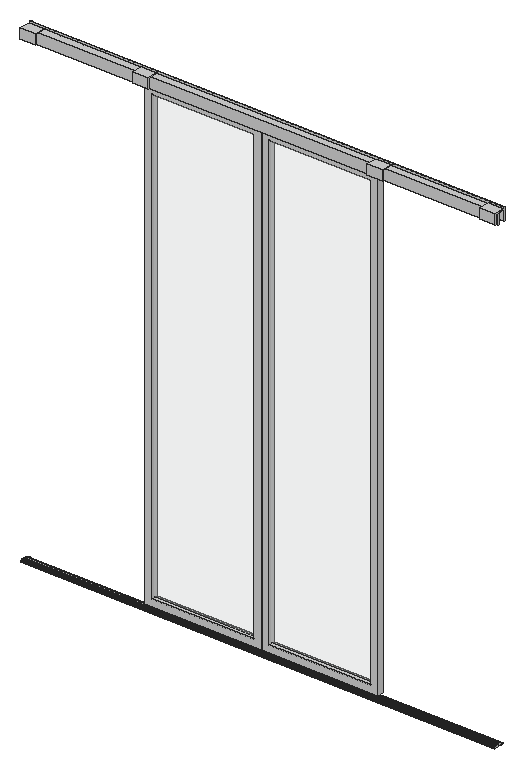
Revit family "Door_FTS Wall Slide_The Sliding Door Company_1.5F 2-Panel Bi-part with Single Track (Ramped)", category Doors, host Wall, Revit 2019
Family settings
  Host = Wall
  OmniClass Number = 23.30.10.00
  OmniClass Title = Doors
  Always vertical = Yes
  Cut with Voids When Loaded = No
  Shared = No
  Room Calculation Point = No
Parameters (values of type "1.5F 2-Panel Wall Slide - Bi-part - AA")
  Upper Track Material [instance] = TSDC - Casing/Upper Track - Anodized Aluminum Silver
  URL = "https://www.slidingdoorco.com"
  Track Length = Order Width * 2 + 1 1/2"  # 97 1/2"
  Thickness = 1 1/4"  # constant formula
  Stile and Rail = 1 1/2"  # constant formula
  Rough Width = Order Width + 5/8" * 2  # 49 1/4"
  Rough Height = Order Height + 5/8"  # 98 3/4"
  Panel Width = Width / 2  # 24"
  Panel Height = Height - 2 1/4"  # 96 3/8"
  Overall System Height = Finished Opening Height + 2 5/8"  # 98 5/8"
  Order Width = Finished Opening Width + Stile and Rail * 2  # 48"
  Opening Clearance = Finished Opening Width  # 45"
  Open [instance] = no
  Model = "FTS Wall Slide System - Surface Mounted"  # constant formula
  Manufacturer = "The Sliding Door Company"  # constant formula
  Limitations = "Panel Width x System Height cannot exceed 7,400 square inches"  # constant formula
  Glass Thickness = "Available in: 5mm Tempered, 7mm,10mm,11mm Laminated Glass"  # constant formula
  Glass Material [instance] = TSDC - Glass - Clear
  Function = Interior
  Height = if(Overall System Height > 122", 122", Overall System Height)  # 98 5/8"
  Wall Closure = By host
  Width = if(Order Width > 104", 104", Order Width)  # 48"
  Fire Rating = "N/A"  # constant formula
  Order Height = Finished Opening Height + 2 1/8"  # 98 1/8"
  Finished Opening Width = 45"
  Finished Opening Height = 96"
  Door Casing Material [instance] = TSDC - Casing/Upper Track - Anodized Aluminum Silver
  Description = "2 Panel Wall Slide Bi-part with Single Track (Ramped)"  # constant formula
  Contact The Sliding Door Company = "https://www.slidingdoorco.com/contact"
  Construction Type = "Surface Mounted, Ramped Bottom Track"  # constant formula
  Configuration = "AA Configuration"  # constant formula
  Closed [instance] = not(Open)  # yes
  Bottom Track Material [instance] = TSDC - Bottom Track - Anodized Aluminum Silver
  Analytic Construction = "<None>"
  ADA Opening Clearance = "32in. Min. Opening Clearance"  # constant formula
  3" Frame (No Support Dividers) = "Max. H=122 in., Max. W=104 in. (52 in. panel width)"  # constant formula
  1 1/2" Frame (No Support Dividers) = "Max. H=108 in., Max. W=100 in. (50 in. panel width)"  # constant formula
Reference planes (in)
  plane 1 "Center (Front/Back)": y = 0
  plane 2 "Center (Left/Right)": x = 0
  plane 3 "Top": z = 98.125
  plane 4 "Exterior": y = 6
  plane 5 "Interior": y = -6
  plane 6: z = 0.625
  plane 7 "2": z = 96.5
  plane 8 "3": z = 95.25
  plane 9: y = -0.67851
  plane 10: x = -24
  plane 11: x = 24
  plane 12: x = -22.5
  plane 13: x = 22.5
  plane 14: z = 46.625
  plane 15: z = 35.625
  plane 16: x = -48.75
  plane 17: x = 48.75
  plane 18: x = 49
  plane 19: x = -49
  plane 20: x = -46.5
  plane 21: x = 46.5
  plane 22: z = 96
  plane 23: z = 98.625
  plane 24: y = 4.39962
Forms (in)
  Extrusion 1, solid, material "TSDC - Casing/Upper Track - Anodized Aluminum Silver" <- "Door Casing Material", visible <- "Closed"
    sketch origin (40.75888, 3.96602, 0) x (-1, 0, 0) y (0, 0, -1)
      loop
        line (64.75888, -96.5) -> (64.75888, -0.625) -> (40.75888, -0.625) -> (40.75888, -96.5) -> (64.75888, -96.5)
      loop
        line (63.25888, -95) -> (63.25888, -2.125) -> (42.25888, -2.125) -> (42.25888, -95) -> (63.25888, -95)
    from -4.25 to -3
  Extrusion 2, solid, material "TSDC - Glass - Clear" <- "Glass Material", visible <- "Closed"
    sketch origin (40.75888, 3.46602, 0) x (-1, 0, 0) y (0, 0, -1)
      loop
        line (63.25888, -95) -> (63.25888, -2.125) -> (42.25888, -2.125) -> (42.25888, -95) -> (63.25888, -95)
    from -4.25 to -4
  Extrusion 3, solid, material "TSDC - Casing/Upper Track - Anodized Aluminum Silver" <- "Door Casing Material", visible <- "Closed"
    sketch origin (72.07138, 3.96602, 0) x (-1, 0, 0) y (0, 0, -1)
      loop
        line (72.07138, -96.5) -> (72.07138, -0.625) -> (48.07138, -0.625) -> (48.07138, -96.5) -> (72.07138, -96.5)
      loop
        line (70.57138, -95) -> (70.57138, -2.125) -> (49.57138, -2.125) -> (49.57138, -95) -> (70.57138, -95)
    from -4.25 to -3
  Extrusion 4, solid, material "TSDC - Glass - Clear" <- "Glass Material", visible <- "Closed"
    sketch origin (72.07138, 3.46602, 0) x (-1, 0, 0) y (0, 0, -1)
      loop
        line (70.57138, -95) -> (70.57138, -2.125) -> (49.57138, -2.125) -> (49.57138, -95) -> (70.57138, -95)
    from -4.25 to -4
  Extrusion 5, solid, material "TSDC - Casing/Upper Track - Anodized Aluminum Silver" <- "Upper Track Material"
    sketch origin (-115, 1.65743, -26) x (0, 1, 0) y (0, 0, 1)
      loop
        line (6.68359, 124.125) -> (5.125, 124.125) -> (5.125, 122) -> (5.18359, 122) -> (5.18359, 124.06641) -> (6.68359, 124.06641) -> (6.68359, 122) -> (6.74219, 122) -> (6.74219, 124.625) -> (6.68359, 124.625) -> (6.68359, 124.125)
    from 66.25 to 163.75
  Extrusion 6, solid, material "TSDC - Bottom Track - Anodized Aluminum Silver" <- "Bottom Track Material"
    sketch origin (0, 4.78502, 0.00198) x (0, -1, 0) y (0, 0, -1)
      loop
        line (-1.2534, 0.00198) -> (-1.82338, 0.00198) -> (-1.82338, -0.08934) -> (-1.85621, -0.08934) -> (-1.85621, -0.05752) -> (-1.88729, -0.05752) -> (-1.88729, -0.30227) -> (-1.85621, -0.30227) -> (-1.85621, -0.26961) -> (-1.82338, -0.26961) -> (-1.82338, -0.35859)
        arc (-1.82338, -0.35859) -> (-1.80417, -0.37043) -> (-1.78175, -0.36785) r 0.03449
        line (-1.78175, -0.36785) -> (-1.69784, -0.32757) -> (-1.69399, -0.29623) -> (-1.64507, -0.30224) -> (-1.55638, -0.25967) -> (-1.55254, -0.22833) -> (-1.50362, -0.23434) -> (-1.41405, -0.19134) -> (-1.4102, -0.16) -> (-1.36128, -0.16601) -> (-1.2534, -0.11422) -> (-1.2534, 0.00198)
      loop
        line (-1.3034, -0.05) -> (-1.7654, -0.05) -> (-1.7654, -0.30454) -> (-1.3034, -0.08276) -> (-1.3034, -0.05)
    from -48.75 to 48.75
  Extrusion 7, solid, material "TSDC - Bottom Track - Anodized Aluminum Silver" <- "Bottom Track Material"
    sketch origin (0, 4.78502, 0.00198) x (0, -1, 0) y (0, 0, -1)
      loop
        line (-1.82338, -0.26961) -> (-1.85621, -0.26961) -> (-1.85621, -0.30227) -> (-1.88729, -0.30227) -> (-1.88729, -0.05752) -> (-1.85621, -0.05752) -> (-1.85621, -0.08934) -> (-1.82338, -0.08934) -> (-1.82338, 0.00198) -> (-2.66962, 0.00198) -> (-2.66962, -0.08934) -> (-2.63679, -0.08934) -> (-2.63679, -0.05752) -> (-2.60571, -0.05752) -> (-2.60571, -0.30227) -> (-2.63692, -0.30227) -> (-2.63692, -0.26961) -> (-2.66962, -0.26961) -> (-2.66962, -0.341)
        arc (-2.66962, -0.341) -> (-2.66384, -0.35509) -> (-2.64977, -0.36093) r 0.01985
        line (-2.64977, -0.36093) -> (-2.56841, -0.36093)
        arc (-2.56841, -0.36093) -> (-2.55436, -0.3551) -> (-2.54856, -0.34103) r 0.01985
        line (-2.54856, -0.34103) -> (-2.54856, -0.05757) -> (-1.94444, -0.05757) -> (-1.94444, -0.10767) -> (-2.07646, -0.14753) -> (-2.07646, -0.28575)
        arc (-2.07646, -0.28575) -> (-2.12603, -0.3355) -> (-2.17572, -0.28588) r 0.04963
        line (-2.17572, -0.28588) -> (-2.23528, -0.28588)
        arc (-2.23528, -0.28588) -> (-2.12616, -0.39506) -> (-2.0169, -0.28602) r 0.10919
        line (-2.0169, -0.28602) -> (-2.0169, -0.20299) -> (-1.94444, -0.20299) -> (-1.94444, -0.34103)
        arc (-1.94444, -0.34103) -> (-1.93864, -0.3551) -> (-1.92459, -0.36093) r 0.01985
        line (-1.92459, -0.36093) -> (-1.84323, -0.36089)
        arc (-1.84323, -0.36089) -> (-1.82919, -0.35508) -> (-1.82338, -0.34104) r 0.01985
        line (-1.82338, -0.34104) -> (-1.82338, -0.26961)
    from -48.75 to 48.75
  Extrusion 8, solid, material "TSDC - Bottom Track - Anodized Aluminum Silver" <- "Bottom Track Material"
    sketch origin (0, 3.27802, 0.00198) x (0, 1, 0) y (0, 0, 1)
      loop
        line (4.11271, 0.05752) -> (4.14379, 0.05752) -> (4.14379, 0.08934) -> (4.17662, 0.08934) -> (4.17662, -0.00198) -> (4.7466, -0.00198) -> (4.7466, 0.11422) -> (4.63872, 0.16601) -> (4.5898, 0.16) -> (4.58595, 0.19134) -> (4.49638, 0.23434) -> (4.44746, 0.22833) -> (4.44362, 0.25967) -> (4.35493, 0.30224) -> (4.30601, 0.29623) -> (4.30216, 0.32757) -> (4.21825, 0.36785)
        arc (4.21825, 0.36785) -> (4.19583, 0.37043) -> (4.17662, 0.35859) r 0.03449
        line (4.17662, 0.35859) -> (4.17662, 0.26961) -> (4.14379, 0.26961) -> (4.14379, 0.30227) -> (4.11271, 0.30227) -> (4.11271, 0.05752)
      loop
        line (4.2346, 0.30454) -> (4.2346, 0.05) -> (4.6966, 0.05) -> (4.6966, 0.08276) -> (4.2346, 0.30454)
    from -48.75 to 48.75
  Extrusion 9, solid, material "TSDC - Casing/Upper Track - Anodized Aluminum Silver" <- "Door Casing Material", visible <- "Open"
    sketch origin (15.76278, 3.21602, 0) x (-1, 0, 0) y (0, 0, -1)
      loop
        line (62.26278, -96.5) -> (62.26278, -0.625) -> (38.26278, -0.625) -> (38.26278, -96.5) -> (62.26278, -96.5)
      loop
        line (60.76278, -95) -> (60.76278, -2.125) -> (39.76278, -2.125) -> (39.76278, -95) -> (60.76278, -95)
    from -5 to -3.75
  Extrusion 10, solid, material "TSDC - Glass - Clear" <- "Glass Material", visible <- "Open"
    sketch origin (15.76278, 2.71602, 0) x (-1, 0, 0) y (0, 0, -1)
      loop
        line (60.76278, -95) -> (60.76278, -2.125) -> (39.76278, -2.125) -> (39.76278, -95) -> (60.76278, -95)
    from -5 to -4.75
  Extrusion 11, solid, visible <- "Closed", not visible
    sketch origin (0, 5.61719, 0) x (1, 0, 0) y (0, 1, 0)
      loop
        circle (-1.5, -0.4296) r 0.31649
    from 0 to 12
  Extrusion 12, solid, visible <- "Closed", not visible
    sketch origin (0, 5.61719, 1) x (1, 0, 0) y (0, 1, 0)
      loop
        line (-1.81641, -0.43705) -> (-1.81641, -2.18359) -> (-1.18359, -2.18359) -> (-1.18359, -0.43705)
        arc (-1.18359, -0.43705) -> (-1.5, -0.74609) -> (-1.81641, -0.43705) r 0.31649
    from 0 to 0.625
  Extrusion 13, solid, visible <- "Closed", not visible
    sketch origin (0, 5.61719, 10.375) x (1, 0, 0) y (0, 1, 0)
      loop
        line (-1.81641, -0.43705) -> (-1.81641, -2.18359) -> (-1.18359, -2.18359) -> (-1.18359, -0.43705)
        arc (-1.18359, -0.43705) -> (-1.5, -0.74609) -> (-1.81641, -0.43705) r 0.31649
    from 0 to 0.625
  Extrusion 14, solid, visible <- "Open", not visible
    sketch origin (-26.4975, 0, 40.625) x (1, 0, 0) y (0, 1, 0)
      loop
        circle (-1.5, 0.4296) r 0.31649
    from 0 to 12
  Extrusion 15, solid, visible <- "Open", not visible
    sketch origin (-26.4975, 0, 41.625) x (1, 0, 0) y (0, 1, 0)
      loop
        arc (-1.81641, 0.43705) -> (-1.5, 0.74609) -> (-1.18359, 0.43705) r 0.31649
        line (-1.18359, 0.43705) -> (-1.18359, 2.18359) -> (-1.81641, 2.18359) -> (-1.81641, 0.43705)
    from 0 to 0.625
  Extrusion 16, solid, visible <- "Open", not visible
    sketch origin (-26.4975, 0, 51) x (1, 0, 0) y (0, 1, 0)
      loop
        arc (-1.81641, 0.43705) -> (-1.5, 0.74609) -> (-1.18359, 0.43705) r 0.31649
        line (-1.18359, 0.43705) -> (-1.18359, 2.18359) -> (-1.81641, 2.18359) -> (-1.81641, 0.43705)
    from 0 to 0.625
  Extrusion 17, solid, material "TSDC - Casing/Upper Track - Anodized Aluminum Silver" <- "Door Casing Material", visible <- "Open"
    sketch origin (120.07138, 3.96602, 0) x (-1, 0, 0) y (0, 0, -1)
      loop
        line (97.57138, -96.5) -> (97.57138, -0.625) -> (73.57138, -0.625) -> (73.57138, -96.5) -> (97.57138, -96.5)
      loop
        line (96.07138, -95) -> (96.07138, -2.125) -> (75.07138, -2.125) -> (75.07138, -95) -> (96.07138, -95)
    from -4.25 to -3
  Extrusion 18, solid, material "TSDC - Glass - Clear" <- "Glass Material", visible <- "Open"
    sketch origin (120.07138, 3.46602, 0) x (-1, 0, 0) y (0, 0, -1)
      loop
        line (96.07138, -95) -> (96.07138, -2.125) -> (75.07138, -2.125) -> (75.07138, -95) -> (96.07138, -95)
    from -4.25 to -4
  Extrusion 19, solid, material "TSDC - Casing/Upper Track - Anodized Aluminum Silver" <- "Upper Track Material"
    sketch origin (-83.75, 0, 0) x (0, 1, 0) y (0, 0, 1)
      loop
        line (8.34102, 98.25) -> (6, 98.25) -> (6, 96.25) -> (6.125, 96.25) -> (6.125, 98.125) -> (8.34102, 98.125) -> (8.34102, 98.25)
    from 35 to 38.125
  Extrusion 20, solid, material "TSDC - Casing/Upper Track - Anodized Aluminum Silver" <- "Upper Track Material"
    sketch origin (-43.125, 0, 0) x (0, 1, 0) y (0, 0, 1)
      loop
        line (8.34102, 98.25) -> (6, 98.25) -> (6, 96.25) -> (6.125, 96.25) -> (6.125, 98.125) -> (8.34102, 98.125) -> (8.34102, 98.25)
    from 17.5 to 20.625
  Extrusion 21, solid, material "TSDC - Casing/Upper Track - Anodized Aluminum Silver" <- "Upper Track Material"
    sketch origin (40, 0, 0) x (0, 1, 0) y (0, 0, 1)
      loop
        line (8.34102, 98.25) -> (6, 98.25) -> (6, 96.25) -> (6.125, 96.25) -> (6.125, 98.125) -> (8.34102, 98.125) -> (8.34102, 98.25)
    from -17.5 to -14.375
  Extrusion 22, solid, material "TSDC - Casing/Upper Track - Anodized Aluminum Silver" <- "Upper Track Material"
    sketch origin (80.625, 0, 0) x (0, 1, 0) y (0, 0, 1)
      loop
        line (8.34102, 98.25) -> (6, 98.25) -> (6, 96.25) -> (6.125, 96.25) -> (6.125, 98.125) -> (8.34102, 98.125) -> (8.34102, 98.25)
    from -35 to -31.875
Lines and regions (in)
  Opening 1
    outline origin (-60, -6, 0) x (1, 0, 0) y (0, 0, 1)
      loop
        line (82.5, 98.125) -> (37.5, 98.125) -> (37.5, 0) -> (82.5, 0) -> (82.5, 98.125)
Text (in)
  text "Exterior" at (-165.54235, 27.31104, 0), in view "Ref. Level"
  text "Interior" at (-165.54235, -25.14366, 0), in view "Ref. Level"
  text "Exterior" at (0, 40.15149, 123.01588), in view "Right"
  text "Interior" at (0, -64.39139, 123.01588), in view "Right"
  text "Interior" at (0, -31.01599, 123.00693), in view "Left"
  text "Exterior" at (0, 54.57065, 123.00693), in view "Left"
Dimensions and locks (in)
  "Height": level to plane 23
  locked: plane 7 "2" to plane 3 "Top" at 1.625
  equal spacing: plane 10, plane 2 "Center (Left/Right)", plane 11
  "Width": plane 10 to plane 11
  "Stile and Rail": Extrusion 1 to Extrusion 1  (x4)
  "Stile and Rail": Extrusion 3 to Extrusion 3  (x4)
  host wall to host wall = 45"
  plane 10 to plane 2 "Center (Left/Right)" to plane 11 = 24", 24"
  plane 6 to plane 14 = 46"
  "Stile and Rail": Extrusion 9 to Extrusion 9  (x3)
  locked: Extrusion 9 to Extrusion 9 at 1.5
  equal spacing: plane 16, plane 2 "Center (Left/Right)", plane 17
  "Track Length": plane 16 to plane 17
  plane 20 to plane 12 = 24"
  locked: plane 16 to plane 20 at 2.25
  plane 13 to plane 21 = 24"
  locked: plane 21 to plane 17 at 2.25
  locked: plane 10 to plane 12 at 1.5
  locked: plane 13 to plane 11 at 1.5
  "Stile and Rail": Extrusion 17 to Extrusion 17  (x4)
  locked: plane 22 to plane 3 "Top" at 2.125
  locked: plane 22 to plane 23 at 2.625
  plane 4 "Exterior" to Extrusion 1 to Extrusion 1 = 0.96602" locked, 1 1/4" locked
  plane 4 "Exterior" to Extrusion 2 to Extrusion 2 = 1.46602" locked, 1/4" locked
  plane 4 "Exterior" to Extrusion 3 to Extrusion 3 = 0.96602" locked, 1 1/4" locked
  plane 4 "Exterior" to Extrusion 4 to Extrusion 4 = 1.46602" locked, 1/4" locked
  plane 4 "Exterior" to Extrusion 17 to Extrusion 17 = 0.96602" locked, 1 1/4" locked
  plane 4 "Exterior" to Extrusion 18 to Extrusion 18 = 1.46602" locked, 1/4" locked
  plane 4 "Exterior" to Extrusion 10 to Extrusion 10 = 1.46602" locked, 1/4" locked
  plane 4 "Exterior" to Extrusion 9 to Extrusion 9 = 0.96602" locked, 1 1/4" locked
  locked: Extrusion 9 to Extrusion 8 at 0.19141
  locked: plane 16 to Extrusion 19 at 3.125
  locked: Extrusion 20 to Extrusion 20 at 3.125
  locked: Extrusion 21 to Extrusion 21 at 3.125
  locked: Extrusion 22 to plane 17 at 3.125
  aligned and locked: plane 4 "Exterior" to host wall
  aligned and locked: host wall to plane 5 "Interior"
  aligned and locked: Opening 1 sketch curve to plane 3 "Top"
  aligned and locked: Extrusion 1 to Extrusion 2  (x4)
  aligned and locked: Extrusion 3 to Extrusion 4  (x4)
  aligned and locked: Extrusion 1 to plane 7 "2"
  aligned and locked: Extrusion 3 to plane 7 "2"
  aligned and locked: Extrusion 7 to Extrusion 8
  aligned and locked: Extrusion 6 to Extrusion 7
  aligned and locked: Extrusion 8 to Extrusion 7
  aligned and locked: Extrusion 7 to Extrusion 6
  aligned and locked: Extrusion 8 to plane 16
  aligned and locked: plane 17 to Extrusion 8
  aligned and locked: plane 17 to Extrusion 5
  aligned and locked: Extrusion 5 to plane 16
  aligned and locked: Extrusion 1 to plane 10
  aligned and locked: plane 11 to Extrusion 3
  aligned and locked: Opening 1 sketch curve to Extrusion 1
  aligned and locked: Opening 1 sketch curve to Extrusion 3
  aligned and locked: host wall to Extrusion 9
  aligned and locked: Extrusion 10 to Extrusion 9
  aligned and locked: Extrusion 9 to Extrusion 1
  aligned and locked: host wall to Extrusion 1
  aligned and locked: Extrusion 3 to host wall
  aligned and locked: Extrusion 17 to Extrusion 18  (x4)
  aligned and locked: plane 23 to Extrusion 5 sketch curve
  aligned and locked: Extrusion 5 to Extrusion 19
  aligned and locked: host wall to Extrusion 20
  aligned and locked: Extrusion 21 to host wall
  aligned and locked: Extrusion 22 to Extrusion 5
Automatic sketch dimensions
  Extrusion 11 sketch curve to Extrusion 11 sketch curve = 0.31649"
  Extrusion 12 sketch curve to Extrusion 12 sketch curve = 81/256"
  Extrusion 12 sketch curve to Extrusion 12 sketch curve = 81/128"
  Extrusion 12 sketch curve to Extrusion 12 sketch curve = 1.74654"
  Extrusion 12 sketch curve to Extrusion 12 sketch curve = 0.00745"
  Extrusion 13 sketch curve to Extrusion 13 sketch curve = 81/256"
  Extrusion 13 sketch curve to Extrusion 13 sketch curve = 81/128"
  Extrusion 13 sketch curve to Extrusion 13 sketch curve = 1.74654"
  Extrusion 13 sketch curve to Extrusion 13 sketch curve = 0.00745"
  Extrusion 11 sketch curve to Extrusion 11 sketch curve = 0"  (x2)
  Extrusion 14 sketch curve to Extrusion 14 sketch curve = 0.31649"
  Extrusion 15 sketch curve to Extrusion 15 sketch curve = 81/256"
  Extrusion 15 sketch curve to Extrusion 15 sketch curve = 81/128"
  Extrusion 15 sketch curve to Extrusion 15 sketch curve = 1.74654"
  Extrusion 15 sketch curve to Extrusion 15 sketch curve = 0.00745"
  Extrusion 16 sketch curve to Extrusion 16 sketch curve = 81/256"
  Extrusion 16 sketch curve to Extrusion 16 sketch curve = 81/128"
  Extrusion 16 sketch curve to Extrusion 16 sketch curve = 1.74654"
  Extrusion 16 sketch curve to Extrusion 16 sketch curve = 0.00745"
  Extrusion 14 sketch curve to Extrusion 14 sketch curve = 0"  (x2)
  Opening 1 sketch curve to level = 0"
  Extrusion 1 sketch curve to plane 2 "Center (Left/Right)" = 0"
  Extrusion 1 sketch curve to plane 12 = 0"
  Extrusion 1 sketch curve to plane 7 "2" = 0"
  Extrusion 1 sketch curve to plane 10 = 0"
  Extrusion 1 sketch curve to plane 6 = 0"
  Extrusion 1 sketch curve to plane 2 "Center (Left/Right)" = 1 1/2"
  plane 22 to Extrusion 1 sketch curve = 1"
  plane 6 to Extrusion 1 sketch curve = 1 1/2"
  Extrusion 2 sketch curve to plane 12 = 0"
  Extrusion 2 sketch curve to plane 2 "Center (Left/Right)" = 1 1/2"
  plane 22 to Extrusion 2 sketch curve = 1"
  plane 6 to Extrusion 2 sketch curve = 1 1/2"
  Extrusion 3 sketch curve to plane 7 "2" = 0"
  Extrusion 3 sketch curve to plane 11 = 0"
  Extrusion 3 sketch curve to plane 13 = 0"
  Extrusion 3 sketch curve to plane 2 "Center (Left/Right)" = 0"
  Extrusion 3 sketch curve to plane 6 = 0"
  plane 2 "Center (Left/Right)" to Extrusion 3 sketch curve = 1 1/2"
  plane 22 to Extrusion 3 sketch curve = 1"
  plane 6 to Extrusion 3 sketch curve = 1 1/2"
  Extrusion 4 sketch curve to plane 13 = 0"
  plane 2 "Center (Left/Right)" to Extrusion 4 sketch curve = 1 1/2"
  plane 22 to Extrusion 4 sketch curve = 1"
  plane 6 to Extrusion 4 sketch curve = 1 1/2"
  plane 3 "Top" to Extrusion 5 sketch curve = 0"
  plane 22 to Extrusion 5 sketch curve = 0"  (x2)
  host wall to Extrusion 5 sketch curve = 0.78243"
  Extrusion 5 sketch curve to Extrusion 5 sketch curve = 15/256"  (x2)
  Extrusion 5 sketch curve to Extrusion 5 sketch curve = 1 1/2"
  Extrusion 5 sketch curve to Extrusion 5 sketch curve = 0"
  plane 3 "Top" to Extrusion 5 sketch curve = 15/256"
  Extrusion 6 sketch curve to level = 0"
  level to Extrusion 6 sketch curve = 0.05951"
  host wall to Extrusion 6 sketch curve = 0.67231"
  Extrusion 6 sketch curve to Extrusion 6 sketch curve = 0.03107"  (x2)
  Extrusion 6 sketch curve to Extrusion 6 sketch curve = 0.03284"  (x2)
  Extrusion 6 sketch curve to Extrusion 6 sketch curve = 0.0267"
  Extrusion 6 sketch curve to plane 6 = 0.25516"
  Extrusion 6 sketch curve to Extrusion 6 sketch curve = 0.01493"
  Extrusion 6 sketch curve to Extrusion 6 sketch curve = 0.05797"
  Extrusion 6 sketch curve to Extrusion 6 sketch curve = 0.06757"
  level to Extrusion 6 sketch curve = 0.29822"
  Extrusion 6 sketch curve to Extrusion 6 sketch curve = 0.00385"  (x3)
  Extrusion 6 sketch curve to Extrusion 6 sketch curve = 0.04892"  (x3)
  Extrusion 6 sketch curve to Extrusion 6 sketch curve = 0.08869"
  level to Extrusion 6 sketch curve = 0.23031"
  Extrusion 6 sketch curve to Extrusion 6 sketch curve = 0.08957"
  host wall to Extrusion 6 sketch curve = 0.08842"
  host wall to Extrusion 6 sketch curve = 0.03842"
  Extrusion 6 sketch curve to Extrusion 6 sketch curve = 0.00926"
  Extrusion 6 sketch curve to Extrusion 6 sketch curve = 0.03134"  (x2)
  Extrusion 6 sketch curve to Extrusion 6 sketch curve = 0.03222"
  Extrusion 6 sketch curve to Extrusion 6 sketch curve = 0.05632"
  Extrusion 6 sketch curve to Extrusion 6 sketch curve = 0.03266"
  Extrusion 6 sketch curve to Extrusion 6 sketch curve = 0.043"
  Extrusion 6 sketch curve to Extrusion 6 sketch curve = 0.02533"
  level to Extrusion 6 sketch curve = 0.1162"
  Extrusion 6 sketch curve to Extrusion 6 sketch curve = 0.03182"
  Extrusion 6 sketch curve to Extrusion 6 sketch curve = 0.03146"
  level to Extrusion 6 sketch curve = 0.05198"
  Extrusion 7 sketch curve to Extrusion 7 sketch curve = 0"  (x8)
  Extrusion 7 sketch curve to level = 0"
  host wall to Extrusion 7 sketch curve = 1.45464"
  Extrusion 7 sketch curve to Extrusion 7 sketch curve = 0.01985"  (x2)
  Extrusion 7 sketch curve to Extrusion 7 sketch curve = 0.01286"
  Extrusion 7 sketch curve to Extrusion 7 sketch curve = 0.03284"  (x3)
  Extrusion 7 sketch curve to Extrusion 7 sketch curve = 0.03107"  (x3)
  Extrusion 7 sketch curve to Extrusion 7 sketch curve = 0.0373"
  Extrusion 7 sketch curve to Extrusion 7 sketch curve = 0.05716"  (x2)
  Extrusion 7 sketch curve to Extrusion 7 sketch curve = 0.31328"
  Extrusion 7 sketch curve to Extrusion 7 sketch curve = 0.05956"  (x2)
  Extrusion 7 sketch curve to Extrusion 7 sketch curve = 0.04963"  (x2)
  level to Extrusion 7 sketch curve = 0.10965"
  Extrusion 7 sketch curve to Extrusion 7 sketch curve = 0.07246"  (x2)
  Extrusion 7 sketch curve to Extrusion 7 sketch curve = 0.01299"
  Extrusion 7 sketch curve to Extrusion 7 sketch curve = 0.03986"
  Extrusion 7 sketch curve to Extrusion 7 sketch curve = 0.09532"
  level to Extrusion 7 sketch curve = 0.2716"
  Extrusion 7 sketch curve to Extrusion 7 sketch curve = 0.06662"
  Extrusion 7 sketch curve to Extrusion 7 sketch curve = 0.08276"
  Extrusion 7 sketch curve to Extrusion 7 sketch curve = 0.00012"
  Extrusion 7 sketch curve to Extrusion 7 sketch curve = 0.03266"  (x2)
  Extrusion 7 sketch curve to Extrusion 7 sketch curve = 0.03873"
  Extrusion 7 sketch curve to Extrusion 7 sketch curve = 0.03876"  (x2)
  Extrusion 7 sketch curve to Extrusion 7 sketch curve = 0.03877"
  Extrusion 7 sketch curve to Extrusion 7 sketch curve = 0.00005"  (x2)
  Extrusion 7 sketch curve to Extrusion 7 sketch curve = 0.00007"
  Extrusion 7 sketch curve to Extrusion 7 sketch curve = 0.01833"
  level to Extrusion 7 sketch curve = 0.09133"
  level to Extrusion 7 sketch curve = 0.05956"
  Extrusion 7 sketch curve to Extrusion 7 sketch curve = 0.03182"  (x2)
  Extrusion 7 sketch curve to Extrusion 7 sketch curve = 0.00004"
  Extrusion 8 sketch curve to level = 0"
  level to Extrusion 8 sketch curve = 0.05951"
  host wall to Extrusion 8 sketch curve = 1.39073"
  Extrusion 8 sketch curve to Extrusion 8 sketch curve = 0.03107"  (x2)
  Extrusion 8 sketch curve to Extrusion 8 sketch curve = 0.03284"  (x2)
  Extrusion 8 sketch curve to Extrusion 8 sketch curve = 0.0267"
  Extrusion 8 sketch curve to plane 6 = 0.25516"
  Extrusion 8 sketch curve to Extrusion 8 sketch curve = 0.01493"
  Extrusion 8 sketch curve to Extrusion 8 sketch curve = 0.03127"
  Extrusion 8 sketch curve to plane 6 = 0.29544"
  Extrusion 8 sketch curve to Extrusion 8 sketch curve = 0.06757"
  level to Extrusion 8 sketch curve = 0.29822"
  Extrusion 8 sketch curve to Extrusion 8 sketch curve = 0.00385"  (x3)
  level to Extrusion 8 sketch curve = 0.30422"
  level to Extrusion 8 sketch curve = 0.26165"
  Extrusion 8 sketch curve to Extrusion 8 sketch curve = 0.08869"
  level to Extrusion 8 sketch curve = 0.23031"
  level to Extrusion 8 sketch curve = 0.23632"
  level to Extrusion 8 sketch curve = 0.19332"
  Extrusion 8 sketch curve to Extrusion 8 sketch curve = 0.08957"
  level to Extrusion 8 sketch curve = 0.16199"
  level to Extrusion 8 sketch curve = 0.16799"
  level to Extrusion 8 sketch curve = 0.08474"
  Extrusion 8 sketch curve to Extrusion 8 sketch curve = 0.05788"
  Extrusion 8 sketch curve to Extrusion 8 sketch curve = 0.05"
  level to Extrusion 8 sketch curve = 0.05198"
  Extrusion 8 sketch curve to Extrusion 8 sketch curve = 0.03182"
  Extrusion 8 sketch curve to Extrusion 8 sketch curve = 0.03146"
  Extrusion 8 sketch curve to Extrusion 8 sketch curve = 0.09824"
  Extrusion 8 sketch curve to Extrusion 8 sketch curve = 0.03266"
  Extrusion 8 sketch curve to Extrusion 8 sketch curve = 0.06331"
  Extrusion 8 sketch curve to Extrusion 8 sketch curve = 0.03109"
  Extrusion 9 sketch curve to plane 7 "2" = 0"
  Extrusion 9 sketch curve to plane 12 = 0"
  Extrusion 9 sketch curve to plane 10 = 0"
  Extrusion 9 sketch curve to plane 20 = 0"
  Extrusion 9 sketch curve to plane 6 = 0"
  plane 20 to Extrusion 9 sketch curve = 1 1/2"
  plane 22 to Extrusion 9 sketch curve = 1"
  plane 6 to Extrusion 9 sketch curve = 1 1/2"
  Extrusion 10 sketch curve to plane 10 = 0"
  plane 20 to Extrusion 10 sketch curve = 1 1/2"
  plane 22 to Extrusion 10 sketch curve = 1"
  plane 6 to Extrusion 10 sketch curve = 1 1/2"
  Extrusion 17 sketch curve to plane 7 "2" = 0"
  Extrusion 17 sketch curve to plane 21 = 0"
  Extrusion 17 sketch curve to plane 11 = 0"
  Extrusion 17 sketch curve to plane 13 = 0"
  Extrusion 17 sketch curve to plane 6 = 0"
  Extrusion 17 sketch curve to plane 21 = 1 1/2"
  plane 22 to Extrusion 17 sketch curve = 1"
  plane 6 to Extrusion 17 sketch curve = 1 1/2"
  Extrusion 18 sketch curve to plane 11 = 0"
  Extrusion 18 sketch curve to plane 21 = 1 1/2"
  plane 22 to Extrusion 18 sketch curve = 1"
  plane 6 to Extrusion 18 sketch curve = 1 1/2"
  Extrusion 19 sketch curve to host wall = 0"
  plane 3 "Top" to Extrusion 19 sketch curve = 0"
  host wall to Extrusion 19 sketch curve = 1/8"
  Extrusion 19 sketch curve to plane 3 "Top" = 1/8"
  Extrusion 19 sketch curve to Extrusion 19 sketch curve = 2.21602"
  plane 7 "2" to Extrusion 19 sketch curve = 1/4"
  Extrusion 20 sketch curve to host wall = 0"
  plane 3 "Top" to Extrusion 20 sketch curve = 0"
  host wall to Extrusion 20 sketch curve = 1/8"
  Extrusion 20 sketch curve to plane 3 "Top" = 1/8"
  Extrusion 20 sketch curve to Extrusion 20 sketch curve = 2.21602"
  plane 7 "2" to Extrusion 20 sketch curve = 1/4"
  Extrusion 21 sketch curve to host wall = 0"
  plane 3 "Top" to Extrusion 21 sketch curve = 0"
  host wall to Extrusion 21 sketch curve = 1/8"
  Extrusion 21 sketch curve to plane 3 "Top" = 1/8"
  Extrusion 21 sketch curve to Extrusion 21 sketch curve = 2.21602"
  plane 7 "2" to Extrusion 21 sketch curve = 1/4"
  Extrusion 22 sketch curve to host wall = 0"
  plane 3 "Top" to Extrusion 22 sketch curve = 0"
  host wall to Extrusion 22 sketch curve = 1/8"
  Extrusion 22 sketch curve to plane 3 "Top" = 1/8"
  Extrusion 22 sketch curve to Extrusion 22 sketch curve = 2.21602"
  plane 7 "2" to Extrusion 22 sketch curve = 1/4"
Nested families (in)
  nested 1: "ROUND DESIGNER HANDLE 12 INCH" at (-1.5, -0.00391, 0), type "ROUND DESIGNER HANDLE 12 INCH", not visible
  nested 2: "ROUND DESIGNER HANDLE 12 INCH" at (-1.5, 5.62109, 0), type "ROUND DESIGNER HANDLE 12 INCH", not visible
  nested 3: "ROUND DESIGNER HANDLE 12 INCH" at (1.5, -0.00391, 0) x (-1, 0, 0) z (0, 0, 1), type "ROUND DESIGNER HANDLE 12 INCH", not visible
  nested 4: "ROUND DESIGNER HANDLE 12 INCH" at (1.5, 5.62109, 0) x (-1, 0, 0) z (0, 0, 1), type "ROUND DESIGNER HANDLE 12 INCH", not visible
Definition of nested family "ROUND DESIGNER HANDLE 12 INCH"
  Reference planes (in)
    plane 1 "Center (Front/Back)": y = 0
    plane 2: z = 0
    plane 3 "Center (Left/Right)": x = 0
    plane 4: x = -0.31641
    plane 5: x = 0.31641
  Forms (in)
    Extrusion 1, solid
      sketch origin (0, 0, 10.25) x (1, 0, 0) y (0, 1, 0)
        loop
          line (0.31641, 0.32395) -> (0.31641, 2.07049) -> (-0.31641, 2.07049) -> (-0.31641, 0.32395)
          arc (-0.31641, 0.32395) -> (0, 0.63299) -> (0.31641, 0.32395) r 0.31649
      from 0 to 0.75
    Extrusion 2, solid
      sketch origin (0, 0.31649, 0) x (1, 0, 0) y (0, 1, 0)
        loop
          circle (0, 0) r 0.31649
      from 0 to 12
    Extrusion 3, solid
      sketch origin (0, 0, 1) x (1, 0, 0) y (0, 1, 0)
        loop
          line (0.31641, 0.32395) -> (0.31641, 2.07049) -> (-0.31641, 2.07049) -> (-0.31641, 0.32395)
          arc (-0.31641, 0.32395) -> (0, 0.63299) -> (0.31641, 0.32395) r 0.31649
      from 0 to 0.75
  Dimensions and locks (in)
    aligned and locked: plane 2 to level
